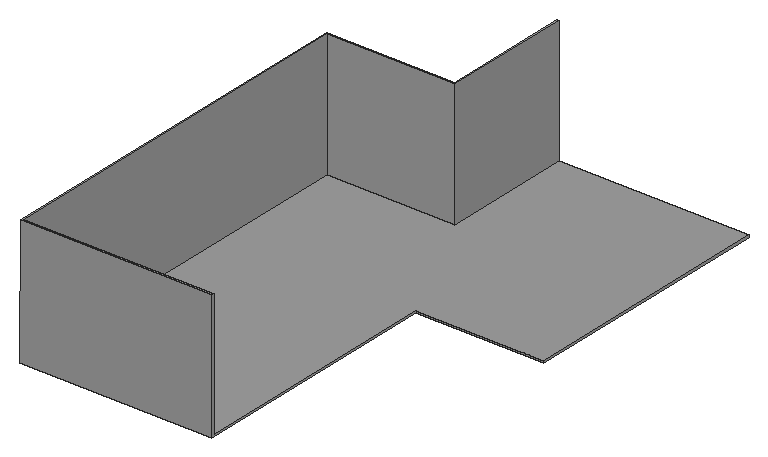
Revit family "Flashing_Preformed_Hyload_6x12Window", category Generic Models, Revit 2016
Family settings
  Part Type = Normal
  Can host rebar = No
  Round Connector Dimension = Use Diameter
  OmniClass Number = 23.20.30.24.11
  OmniClass Title = Embedded Flashing
  Work Plane-Based = No
  Always vertical = Yes
  Cut with Voids When Loaded = No
  Shared = No
  Room Calculation Point = No
Parameters (values of type "As Specified")
  Unit Width = 1' - 0"
  Unit Height = 0' - 4"
  Unit Depth = 0' - 6"
  URL = "http://www.hyload.com/"
  Thickness = 0' - 0 1/16"
  Specification = "http://www.arcat.com/sdspecs/htm04/07_65_00hyl.htm"
  Sales Information = "http://www.hyload.com/contact-us"
  Revision = "R1_12-2015"
  Product Properties = "http://www.hyload.com/masonry-flashing/preformed-shapes/"
  Product Data = "http://www.arcat.com/arcatcos/cos33/arc33176.html"
  Model = "6x12 Window"
  Manufacturer Website = "http://www.hyload.com/"
  Manufacturer Phone - Toll Free = "800-457-4056"
  Manufacturer Phone = "330-769-3546"
  Manufacturer Fax = "330-769-4153"
  Manufacturer Address = "5020 Panther Pkwy., Seville, OH 44273"
  Manufacturer = "Hyload"
  Keynote = "07 65 00"
  Flashing Material = Hyload Flashing Membrane - Grey
  Drawn By = "Robert S. Weygant / Sumex Design"
  Description = "Preformed Hyload Masonry Flashing - 6x12 Window"
  Copyright = "(c) ARCAT, Inc, 2015"
  Construction Details = "http://www.arcat.com/details/hyload/hyload.html?coid=33176"
  Assembly Code = "B3010400"
Reference planes (in)
  plane 1 "Center (Front/Back)": y = 0
  plane 2: z = 0
  plane 3 "Center (Left/Right)": x = 0
  plane 4: y = 12
  plane 5: x = 6
  plane 6: z = 4
  plane 7: x = 10
  plane 8: y = 16
  plane 9: x = 4
Forms (in)
  Extrusion 1, solid, material "Hyload Flashing Membrane - Grey" <- "Flashing Material"
    sketch origin (0, 0, 0) x (1, 0, 0) y (0, 1, 0)
      loop
        line (0, 12) -> (0, 0) -> (6, 0) -> (6, 8) -> (10, 8) -> (10, 16) -> (4, 16) -> (4, 12) -> (0, 12)
    from 0 to 0.0625 <- "Thickness"
  Extrusion 2, solid, material "Hyload Flashing Membrane - Grey" <- "Flashing Material"
    sketch origin (0, 0, 0) x (1, 0, 0) y (0, 1, 0)
      loop
        line (0, 12) -> (0, 0) -> (6, 0) -> (6, 0.0625) -> (0.0625, 0.0625) -> (0.0625, 11.9375) -> (4.0625, 11.9375) -> (4.0625, 16) -> (4, 16) -> (4, 12) -> (0, 12)
    from 0 to 4 <- "Unit Height"
Cuts and joins
  joined: Extrusion 1, Extrusion 2
Dimensions and locks (in)
  "Unit Width": plane 1 "Center (Front/Back)" to plane 4
  "Unit Depth": plane 3 "Center (Left/Right)" to plane 5
  "Unit Height": plane 6 to level
  "Thickness": plane 1 "Center (Front/Back)" to Extrusion 2 sketch curve
  "Thickness": plane 3 "Center (Left/Right)" to Extrusion 2 sketch curve
  plane 3 "Center (Left/Right)" to Extrusion 2 = 0' - 6"
  "Thickness": plane 4 to Extrusion 2 sketch curve
  locked: plane 5 to plane 7 at 4
  plane 8 to plane 4 = 0' - 4"
  equal spacing: plane 8, Extrusion 1 sketch curve, plane 1 "Center (Front/Back)"
  plane 3 "Center (Left/Right)" to Extrusion 1 sketch curve = 0' - 4"
  "Thickness": Extrusion 2 sketch curve to Extrusion 2 sketch curve
  aligned and locked: plane 2 to level
  aligned and locked: Extrusion 1 sketch curve to plane 4
  aligned and locked: plane 3 "Center (Left/Right)" to Extrusion 1 sketch curve
  aligned and locked: Extrusion 1 sketch curve to plane 1 "Center (Front/Back)"
  aligned and locked: Extrusion 1 sketch curve to plane 5
  aligned and locked: plane 4 to Extrusion 2 sketch curve
  aligned and locked: Extrusion 2 sketch curve to plane 3 "Center (Left/Right)"
  aligned and locked: plane 1 "Center (Front/Back)" to Extrusion 2 sketch curve
  aligned and locked: plane 5 to Extrusion 2 sketch curve
  aligned and locked: Extrusion 2 to level
  aligned and locked: Extrusion 1 sketch curve to plane 8
  aligned and locked: Extrusion 1 sketch curve to plane 7
  aligned and locked: Extrusion 2 sketch curve to plane 8
  aligned and locked: Extrusion 2 sketch curve to cut or joined group of Extrusion 1, Extrusion 2
